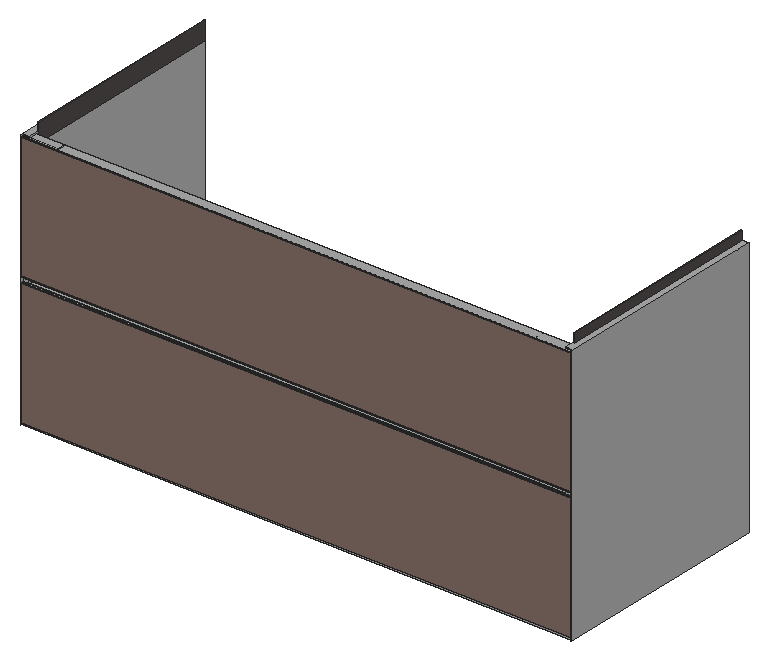
Revit family "vanity unit-hansgrohe-54186XXX-Xevolos E Vanity unit Slate Matt Grey 1180_475 with 2 drawers for washbasin", category Furniture, Revit 2019
Family settings
  OmniClass Number = 23.40.00.00
  OmniClass Title = Equipment and Furnishings
  Work Plane-Based = No
  Always vertical = Yes
  Cut with Voids When Loaded = No
  Shared = Yes
  Room Calculation Point = No
Parameters (values of type "54186730-SLATE_MATT_GREY-DARK_OAK-400")
  etim7_EC011381 = "EC011381"
  WEIGHT = "48.4"
  UNSPSC = "56 | Furniture and Furnishings"
  UNIFORMATII = "E2010 | Fixed Furnishings"
  UNICLASS_2015_CODE = "40_30_78_05"
  UNICLASS2015 = "Pr_40_30_78_05 | Bathroom furniture"
  SURFACE = "DARK_OAK"
  REGION = "Worldwide"
  PRODUCTURL = "https://pro.hansgrohe.com/articledetail--54186770"
  PERMALINK = "54186XXX"
  OMNICLASS = "23-21 19 15 33 13 | Residential Bathroom Specialty Casework"
  OBJECTTYPE = "Object (single object)"
  OBERFLAECHE = "SLATE_MATT_GREY"
  NN = "Vanity unit with 2 drawers for handrinse basin"
  NBSYN = "$ARTNR.-$OBERFLAECHE.-$SURFACE.-$LODLEVEL."
  NB = "54186730-SLATE_MATT_GREY-DARK_OAK-400"
  NAME = "Xevolos E Vanity unit Slate Matt Grey 1180/475 with 2 drawers for washbasin"
  Model = "54186730-SLATE_MATT_GREY-DARK_OAK-400"
  Manufacturer = "Hansgrohe"
  MIdent = "{$CADENAS_DATA/23d-libs/hansgrohe/xevolos_furniture/xevolos_vanity_unit_2_drawers_handrinse_basin/vanity_unit_2_drawers_for_handrinse_basin.prj},263 {VTYP=3D},{NB=54186730-SLATE_MATT_GREY-DARK_OAK-400},{LINA=54186730-SLATE_MATT_GREY-DARK_OAK-400},{NN=Vanity unit with 2 drawers for handrinse basin},{DATE=13.03.2023 12:26:32},{GEOMDATE=12.03.2023 06:54:00},{VERSION=},{LINEID=930},{WBVAR=LODLEVEL},{WBNUMERIC=}  {NB=54186730-SLATE_MATT_GREY-DARK_OAK-400},{LINA=54186730-SLATE_MATT_GREY-DARK_OAK-400},{KT=DUMMY},{IDNR=44},{ARTNR=54186730},{BASENUMBER=54186},{MODEL=54186XXX},{OBERFLAECHE=SLATE_MATT_GREY},{SURFACE=DARK_OAK},{L=1180},{LODLEVEL=400},{LODLEVELX='400','400','200','200'},{NAME=Xevolos E Vanity unit Slate Matt Grey 1180/475 with 2 drawers for washbasin},{PERMALINK=54186XXX},{OBJECTTYPE=Object (single object)},{BIMOBJECT=Sanitary: Compound units},{COLLECTIONSET=Xevolos E},{COLLECTION=vanity unit},{WEIGHT=48.4},{DESCRIPTION=Xevolos E Vanity unit Slate Matt Grey 1180/475 with 2 drawers for washbasin},{PRODUCTURL=https://pro.hansgrohe.com/articledetail--54186770},{GTINCODE=0},{TENDERURL=0},{IFC=Furnishing element},{ETIM=EC011381 | Bathroom furniture set},{UNICLASS2015=Pr_40_30_78_05 | Bathroom furniture},{OMNICLASS=23-21 19 15 33 13 | Residential Bathroom Specialty Casework},{MASTERFORMAT=12 35 30.23 | Bathroom Casework},{UNSPSC=56 | Furniture and Furnishings},{UNIFORMATII=E2010 | Fixed Furnishings},{REGION=Worldwide},{DESIGN=Germany},{MANUFACTURER=Germany}"
  MASTERFORMAT = "12 35 30.23 | Bathroom Casework"
  LODLEVEL = "400"
  LINA = "54186730-SLATE_MATT_GREY-DARK_OAK-400"
  L = 1180
  IFC = "Furnishing element"
  IDNR = 44
  ETIM = "EC011381 | Bathroom furniture set"
  DESIGN = "Germany"
  COLLECTIONSET = "Xevolos E"
  COLLECTION = "vanity unit"
  CATALOG = "Hansgrohe"
  BIMOBJECT = "Sanitary: Compound units"
  BASENUMBER = "54186"
  ARTNR = "54186730"
  54186770-SLATE_MATT_GREY-METALLIC_SLATE_GREY-400_RX0RY0RZ0TX0TY0TZ0_V = no
  54186770-SLATE_MATT_GREY-METALLIC_SLATE_GREY-200_RX0RY0RZ0TX0TY0TZ0_V = no
  54186730-SLATE_MATT_GREY-DARK_OAK-400_RX0RY0RZ0TX0TY0TZ0_V = yes
  54186730-SLATE_MATT_GREY-DARK_OAK-200_RX0RY0RZ0TX0TY0TZ0_V = no
  54186390-SLATE_MATT_GREY-PATTEREND_BRONZE-400_RX0RY0RZ0TX0TY0TZ0_V = no
  54186390-SLATE_MATT_GREY-PATTEREND_BRONZE-200_RX0RY0RZ0TX0TY0TZ0_V = no
Types (6, lengths in mm): name | SURFACE | NB | Model | MIdent | LODLEVEL | LINA | IDNR | ARTNR | 54186770-SLATE_MATT_GREY-METALLIC_SLATE_GREY-400_RX0RY0RZ0TX0TY0TZ0_V | 54186770-SLATE_MATT_GREY-METALLIC_SLATE_GREY-200_RX0RY0RZ0TX0TY0TZ0_V | 54186730-SLATE_MATT_GREY-DARK_OAK-400_RX0RY0RZ0TX0TY0TZ0_V | 54186730-SLATE_MATT_GREY-DARK_OAK-200_RX0RY0RZ0TX0TY0TZ0_V | 54186390-SLATE_MATT_GREY-PATTEREND_BRONZE-400_RX0RY0RZ0TX0TY0TZ0_V | 54186390-SLATE_MATT_GREY-PATTEREND_BRONZE-200_RX0RY0RZ0TX0TY0TZ0_V
  54186390-SLATE_MATT_GREY-PATTEREND_BRONZE-200 | "PATTEREND_BRONZE" | "54186390-SLATE_MATT_GREY-PATTEREND_BRONZE-200" | "54186390-SLATE_MATT_GREY-PATTEREND_BRONZE-200" | "{$CADENAS_DATA/23d-libs/hansgrohe/xevolos_furniture/xevolos_vanity_unit_2_drawers_handrinse_basin/vanity_unit_2_drawers_for_handrinse_basin.prj},279 {VTYP=3D},{NB=54186390-SLATE_MATT_GREY-PATTEREND_BRONZE-200},{LINA=54186390-SLATE_MATT_GREY-PATTEREND_BRONZE-200},{NN=Vanity unit with 2 drawers for handrinse basin},{DATE=13.03.2023 12:26:32},{GEOMDATE=12.03.2023 06:54:00},{VERSION=},{LINEID=920},{WBVAR=LODLEVEL},{WBNUMERIC=}  {NB=54186390-SLATE_MATT_GREY-PATTEREND_BRONZE-200},{LINA=54186390-SLATE_MATT_GREY-PATTEREND_BRONZE-200},{KT=DUMMY},{IDNR=43},{ARTNR=54186390},{BASENUMBER=54186},{MODEL=54186XXX},{OBERFLAECHE=SLATE_MATT_GREY},{SURFACE=PATTEREND_BRONZE},{L=1180},{LODLEVEL=200},{LODLEVELX='400','400','200','200'},{NAME=Xevolos E Vanity unit Slate Matt Grey 1180/475 with 2 drawers for washbasin},{PERMALINK=54186XXX},{OBJECTTYPE=Object (single object)},{BIMOBJECT=Sanitary: Compound units},{COLLECTIONSET=Xevolos E},{COLLECTION=vanity unit},{WEIGHT=48.4},{DESCRIPTION=Xevolos E Vanity unit Slate Matt Grey 1180/475 with 2 drawers for washbasin},{PRODUCTURL=https://pro.hansgrohe.com/articledetail--54186770},{GTINCODE=0},{TENDERURL=0},{IFC=Furnishing element},{ETIM=EC011381 | Bathroom furniture set},{UNICLASS2015=Pr_40_30_78_05 | Bathroom furniture},{OMNICLASS=23-21 19 15 33 13 | Residential Bathroom Specialty Casework},{MASTERFORMAT=12 35 30.23 | Bathroom Casework},{UNSPSC=56 | Furniture and Furnishings},{UNIFORMATII=E2010 | Fixed Furnishings},{REGION=Worldwide},{DESIGN=Germany},{MANUFACTURER=Germany}" | "200" | "54186390-SLATE_MATT_GREY-PATTEREND_BRONZE-200" | 43 | "54186390" | no | no | no | no | no | yes
  54186390-SLATE_MATT_GREY-PATTEREND_BRONZE-400 | "PATTEREND_BRONZE" | "54186390-SLATE_MATT_GREY-PATTEREND_BRONZE-400" | "54186390-SLATE_MATT_GREY-PATTEREND_BRONZE-400" | "{$CADENAS_DATA/23d-libs/hansgrohe/xevolos_furniture/xevolos_vanity_unit_2_drawers_handrinse_basin/vanity_unit_2_drawers_for_handrinse_basin.prj},279 {VTYP=3D},{NB=54186390-SLATE_MATT_GREY-PATTEREND_BRONZE-400},{LINA=54186390-SLATE_MATT_GREY-PATTEREND_BRONZE-400},{NN=Vanity unit with 2 drawers for handrinse basin},{DATE=13.03.2023 12:26:32},{GEOMDATE=12.03.2023 06:54:00},{VERSION=},{LINEID=920},{WBVAR=LODLEVEL},{WBNUMERIC=}  {NB=54186390-SLATE_MATT_GREY-PATTEREND_BRONZE-400},{LINA=54186390-SLATE_MATT_GREY-PATTEREND_BRONZE-400},{KT=DUMMY},{IDNR=43},{ARTNR=54186390},{BASENUMBER=54186},{MODEL=54186XXX},{OBERFLAECHE=SLATE_MATT_GREY},{SURFACE=PATTEREND_BRONZE},{L=1180},{LODLEVEL=400},{LODLEVELX='400','400','200','200'},{NAME=Xevolos E Vanity unit Slate Matt Grey 1180/475 with 2 drawers for washbasin},{PERMALINK=54186XXX},{OBJECTTYPE=Object (single object)},{BIMOBJECT=Sanitary: Compound units},{COLLECTIONSET=Xevolos E},{COLLECTION=vanity unit},{WEIGHT=48.4},{DESCRIPTION=Xevolos E Vanity unit Slate Matt Grey 1180/475 with 2 drawers for washbasin},{PRODUCTURL=https://pro.hansgrohe.com/articledetail--54186770},{GTINCODE=0},{TENDERURL=0},{IFC=Furnishing element},{ETIM=EC011381 | Bathroom furniture set},{UNICLASS2015=Pr_40_30_78_05 | Bathroom furniture},{OMNICLASS=23-21 19 15 33 13 | Residential Bathroom Specialty Casework},{MASTERFORMAT=12 35 30.23 | Bathroom Casework},{UNSPSC=56 | Furniture and Furnishings},{UNIFORMATII=E2010 | Fixed Furnishings},{REGION=Worldwide},{DESIGN=Germany},{MANUFACTURER=Germany}" | "400" | "54186390-SLATE_MATT_GREY-PATTEREND_BRONZE-400" | 43 | "54186390" | no | no | no | no | yes | no
  54186730-SLATE_MATT_GREY-DARK_OAK-200 | "DARK_OAK" | "54186730-SLATE_MATT_GREY-DARK_OAK-200" | "54186730-SLATE_MATT_GREY-DARK_OAK-200" | "{$CADENAS_DATA/23d-libs/hansgrohe/xevolos_furniture/xevolos_vanity_unit_2_drawers_handrinse_basin/vanity_unit_2_drawers_for_handrinse_basin.prj},263 {VTYP=3D},{NB=54186730-SLATE_MATT_GREY-DARK_OAK-200},{LINA=54186730-SLATE_MATT_GREY-DARK_OAK-200},{NN=Vanity unit with 2 drawers for handrinse basin},{DATE=13.03.2023 12:26:32},{GEOMDATE=12.03.2023 06:54:00},{VERSION=},{LINEID=930},{WBVAR=LODLEVEL},{WBNUMERIC=}  {NB=54186730-SLATE_MATT_GREY-DARK_OAK-200},{LINA=54186730-SLATE_MATT_GREY-DARK_OAK-200},{KT=DUMMY},{IDNR=44},{ARTNR=54186730},{BASENUMBER=54186},{MODEL=54186XXX},{OBERFLAECHE=SLATE_MATT_GREY},{SURFACE=DARK_OAK},{L=1180},{LODLEVEL=200},{LODLEVELX='400','400','200','200'},{NAME=Xevolos E Vanity unit Slate Matt Grey 1180/475 with 2 drawers for washbasin},{PERMALINK=54186XXX},{OBJECTTYPE=Object (single object)},{BIMOBJECT=Sanitary: Compound units},{COLLECTIONSET=Xevolos E},{COLLECTION=vanity unit},{WEIGHT=48.4},{DESCRIPTION=Xevolos E Vanity unit Slate Matt Grey 1180/475 with 2 drawers for washbasin},{PRODUCTURL=https://pro.hansgrohe.com/articledetail--54186770},{GTINCODE=0},{TENDERURL=0},{IFC=Furnishing element},{ETIM=EC011381 | Bathroom furniture set},{UNICLASS2015=Pr_40_30_78_05 | Bathroom furniture},{OMNICLASS=23-21 19 15 33 13 | Residential Bathroom Specialty Casework},{MASTERFORMAT=12 35 30.23 | Bathroom Casework},{UNSPSC=56 | Furniture and Furnishings},{UNIFORMATII=E2010 | Fixed Furnishings},{REGION=Worldwide},{DESIGN=Germany},{MANUFACTURER=Germany}" | "200" | "54186730-SLATE_MATT_GREY-DARK_OAK-200" | 44 | "54186730" | no | no | no | yes | no | no
  54186730-SLATE_MATT_GREY-DARK_OAK-400 | "DARK_OAK" | "54186730-SLATE_MATT_GREY-DARK_OAK-400" | "54186730-SLATE_MATT_GREY-DARK_OAK-400" | "{$CADENAS_DATA/23d-libs/hansgrohe/xevolos_furniture/xevolos_vanity_unit_2_drawers_handrinse_basin/vanity_unit_2_drawers_for_handrinse_basin.prj},263 {VTYP=3D},{NB=54186730-SLATE_MATT_GREY-DARK_OAK-400},{LINA=54186730-SLATE_MATT_GREY-DARK_OAK-400},{NN=Vanity unit with 2 drawers for handrinse basin},{DATE=13.03.2023 12:26:32},{GEOMDATE=12.03.2023 06:54:00},{VERSION=},{LINEID=930},{WBVAR=LODLEVEL},{WBNUMERIC=}  {NB=54186730-SLATE_MATT_GREY-DARK_OAK-400},{LINA=54186730-SLATE_MATT_GREY-DARK_OAK-400},{KT=DUMMY},{IDNR=44},{ARTNR=54186730},{BASENUMBER=54186},{MODEL=54186XXX},{OBERFLAECHE=SLATE_MATT_GREY},{SURFACE=DARK_OAK},{L=1180},{LODLEVEL=400},{LODLEVELX='400','400','200','200'},{NAME=Xevolos E Vanity unit Slate Matt Grey 1180/475 with 2 drawers for washbasin},{PERMALINK=54186XXX},{OBJECTTYPE=Object (single object)},{BIMOBJECT=Sanitary: Compound units},{COLLECTIONSET=Xevolos E},{COLLECTION=vanity unit},{WEIGHT=48.4},{DESCRIPTION=Xevolos E Vanity unit Slate Matt Grey 1180/475 with 2 drawers for washbasin},{PRODUCTURL=https://pro.hansgrohe.com/articledetail--54186770},{GTINCODE=0},{TENDERURL=0},{IFC=Furnishing element},{ETIM=EC011381 | Bathroom furniture set},{UNICLASS2015=Pr_40_30_78_05 | Bathroom furniture},{OMNICLASS=23-21 19 15 33 13 | Residential Bathroom Specialty Casework},{MASTERFORMAT=12 35 30.23 | Bathroom Casework},{UNSPSC=56 | Furniture and Furnishings},{UNIFORMATII=E2010 | Fixed Furnishings},{REGION=Worldwide},{DESIGN=Germany},{MANUFACTURER=Germany}" | "400" | "54186730-SLATE_MATT_GREY-DARK_OAK-400" | 44 | "54186730" | no | no | yes | no | no | no
  54186770-SLATE_MATT_GREY-METALLIC_SLATE_GREY-200 | "METALLIC_SLATE_GREY" | "54186770-SLATE_MATT_GREY-METALLIC_SLATE_GREY-200" | "54186770-SLATE_MATT_GREY-METALLIC_SLATE_GREY-200" | "{$CADENAS_DATA/23d-libs/hansgrohe/xevolos_furniture/xevolos_vanity_unit_2_drawers_handrinse_basin/vanity_unit_2_drawers_for_handrinse_basin.prj},285 {VTYP=3D},{NB=54186770-SLATE_MATT_GREY-METALLIC_SLATE_GREY-200},{LINA=54186770-SLATE_MATT_GREY-METALLIC_SLATE_GREY-200},{NN=Vanity unit with 2 drawers for handrinse basin},{DATE=13.03.2023 12:26:32},{GEOMDATE=12.03.2023 06:54:00},{VERSION=},{LINEID=940},{WBVAR=LODLEVEL},{WBNUMERIC=}  {NB=54186770-SLATE_MATT_GREY-METALLIC_SLATE_GREY-200},{LINA=54186770-SLATE_MATT_GREY-METALLIC_SLATE_GREY-200},{KT=DUMMY},{IDNR=45},{ARTNR=54186770},{BASENUMBER=54186},{MODEL=54186XXX},{OBERFLAECHE=SLATE_MATT_GREY},{SURFACE=METALLIC_SLATE_GREY},{L=1180},{LODLEVEL=200},{LODLEVELX='400','400','200','200'},{NAME=Xevolos E Vanity unit Slate Matt Grey 1180/475 with 2 drawers for washbasin},{PERMALINK=54186XXX},{OBJECTTYPE=Object (single object)},{BIMOBJECT=Sanitary: Compound units},{COLLECTIONSET=Xevolos E},{COLLECTION=vanity unit},{WEIGHT=48.4},{DESCRIPTION=Xevolos E Vanity unit Slate Matt Grey 1180/475 with 2 drawers for washbasin},{PRODUCTURL=https://pro.hansgrohe.com/articledetail--54186770},{GTINCODE=0},{TENDERURL=0},{IFC=Furnishing element},{ETIM=EC011381 | Bathroom furniture set},{UNICLASS2015=Pr_40_30_78_05 | Bathroom furniture},{OMNICLASS=23-21 19 15 33 13 | Residential Bathroom Specialty Casework},{MASTERFORMAT=12 35 30.23 | Bathroom Casework},{UNSPSC=56 | Furniture and Furnishings},{UNIFORMATII=E2010 | Fixed Furnishings},{REGION=Worldwide},{DESIGN=Germany},{MANUFACTURER=Germany}" | "200" | "54186770-SLATE_MATT_GREY-METALLIC_SLATE_GREY-200" | 45 | "54186770" | no | yes | no | no | no | no
  54186770-SLATE_MATT_GREY-METALLIC_SLATE_GREY-400 | "METALLIC_SLATE_GREY" | "54186770-SLATE_MATT_GREY-METALLIC_SLATE_GREY-400" | "54186770-SLATE_MATT_GREY-METALLIC_SLATE_GREY-400" | "{$CADENAS_DATA/23d-libs/hansgrohe/xevolos_furniture/xevolos_vanity_unit_2_drawers_handrinse_basin/vanity_unit_2_drawers_for_handrinse_basin.prj},285 {VTYP=3D},{NB=54186770-SLATE_MATT_GREY-METALLIC_SLATE_GREY-400},{LINA=54186770-SLATE_MATT_GREY-METALLIC_SLATE_GREY-400},{NN=Vanity unit with 2 drawers for handrinse basin},{DATE=13.03.2023 12:26:32},{GEOMDATE=12.03.2023 06:54:00},{VERSION=},{LINEID=940},{WBVAR=LODLEVEL},{WBNUMERIC=}  {NB=54186770-SLATE_MATT_GREY-METALLIC_SLATE_GREY-400},{LINA=54186770-SLATE_MATT_GREY-METALLIC_SLATE_GREY-400},{KT=DUMMY},{IDNR=45},{ARTNR=54186770},{BASENUMBER=54186},{MODEL=54186XXX},{OBERFLAECHE=SLATE_MATT_GREY},{SURFACE=METALLIC_SLATE_GREY},{L=1180},{LODLEVEL=400},{LODLEVELX='400','400','200','200'},{NAME=Xevolos E Vanity unit Slate Matt Grey 1180/475 with 2 drawers for washbasin},{PERMALINK=54186XXX},{OBJECTTYPE=Object (single object)},{BIMOBJECT=Sanitary: Compound units},{COLLECTIONSET=Xevolos E},{COLLECTION=vanity unit},{WEIGHT=48.4},{DESCRIPTION=Xevolos E Vanity unit Slate Matt Grey 1180/475 with 2 drawers for washbasin},{PRODUCTURL=https://pro.hansgrohe.com/articledetail--54186770},{GTINCODE=0},{TENDERURL=0},{IFC=Furnishing element},{ETIM=EC011381 | Bathroom furniture set},{UNICLASS2015=Pr_40_30_78_05 | Bathroom furniture},{OMNICLASS=23-21 19 15 33 13 | Residential Bathroom Specialty Casework},{MASTERFORMAT=12 35 30.23 | Bathroom Casework},{UNSPSC=56 | Furniture and Furnishings},{UNIFORMATII=E2010 | Fixed Furnishings},{REGION=Worldwide},{DESIGN=Germany},{MANUFACTURER=Germany}" | "400" | "54186770-SLATE_MATT_GREY-METALLIC_SLATE_GREY-400" | 45 | "54186770" | yes | no | no | no | no | no
Reference planes
  plane 1 "Center (Front/Back)": y = 0
  plane 2: z = 0
  plane 3 "Center (Left/Right)": x = 0
Dimensions and locks
  aligned and locked: level to plane 2
Nested families
  nested 1: "54186390-slate_matt_grey-patterend_bronze-200_content" at (0, 0, 0), visible <- "54186390-SLATE_MATT_GREY-PATTEREND_BRONZE-200_RX0RY0RZ0TX0TY0TZ0_V", ContentVisible <- "54186390-SLATE_MATT_GREY-PATTEREND_BRONZE-200_RX0RY0RZ0TX0TY0TZ0_V", type "54186390-SLATE_MATT_GREY-PATTEREND_BRONZE-200_Content"
    with ContentVisible no
  nested 2: "54186390-slate_matt_grey-patterend_bronze-400_content" at (0, 0, 0), visible <- "54186390-SLATE_MATT_GREY-PATTEREND_BRONZE-400_RX0RY0RZ0TX0TY0TZ0_V", ContentVisible <- "54186390-SLATE_MATT_GREY-PATTEREND_BRONZE-400_RX0RY0RZ0TX0TY0TZ0_V", type "54186390-SLATE_MATT_GREY-PATTEREND_BRONZE-400_Content"
    with ContentVisible no
  nested 3: "54186730-slate_matt_grey-dark_oak-200_content" at (0, 0, 0), visible <- "54186730-SLATE_MATT_GREY-DARK_OAK-200_RX0RY0RZ0TX0TY0TZ0_V", ContentVisible <- "54186730-SLATE_MATT_GREY-DARK_OAK-200_RX0RY0RZ0TX0TY0TZ0_V", type "54186730-SLATE_MATT_GREY-DARK_OAK-200_Content"
    with ContentVisible no
  nested 4: "54186730-slate_matt_grey-dark_oak-400_content" at (0, 0, 0), visible <- "54186730-SLATE_MATT_GREY-DARK_OAK-400_RX0RY0RZ0TX0TY0TZ0_V", ContentVisible <- "54186730-SLATE_MATT_GREY-DARK_OAK-400_RX0RY0RZ0TX0TY0TZ0_V", type "54186730-SLATE_MATT_GREY-DARK_OAK-400_Content"
    with ContentVisible yes
  nested 5: "54186770-slate_matt_grey-metallic_slate_grey-200_content" at (0, 0, 0), visible <- "54186770-SLATE_MATT_GREY-METALLIC_SLATE_GREY-200_RX0RY0RZ0TX0TY0TZ0_V", ContentVisible <- "54186770-SLATE_MATT_GREY-METALLIC_SLATE_GREY-200_RX0RY0RZ0TX0TY0TZ0_V", type "54186770-SLATE_MATT_GREY-METALLIC_SLATE_GREY-200_Content"
    with ContentVisible no
  nested 6: "54186770-slate_matt_grey-metallic_slate_grey-400_content" at (0, 0, 0), visible <- "54186770-SLATE_MATT_GREY-METALLIC_SLATE_GREY-400_RX0RY0RZ0TX0TY0TZ0_V", ContentVisible <- "54186770-SLATE_MATT_GREY-METALLIC_SLATE_GREY-400_RX0RY0RZ0TX0TY0TZ0_V", type "54186770-SLATE_MATT_GREY-METALLIC_SLATE_GREY-400_Content"
    with ContentVisible no
Definition of nested family "54186730-slate_matt_grey-dark_oak-400_content"
  Parameters (values of type "54186730-SLATE_MATT_GREY-DARK_OAK-400_Content")
    etim7_EC011381 = "EC011381"
    WEIGHT = "48.4"
    UNSPSC = "56 | Furniture and Furnishings"
    UNIFORMATII = "E2010 | Fixed Furnishings"
    UNICLASS_2015_CODE = "40_30_78_05"
    UNICLASS2015 = "Pr_40_30_78_05 | Bathroom furniture"
    SURFACE = "DARK_OAK"
    REGION = "Worldwide"
    PRODUCTURL = "https://pro.hansgrohe.com/articledetail--54186770"
    PERMALINK = "54186XXX"
    OMNICLASS = "23-21 19 15 33 13 | Residential Bathroom Specialty Casework"
    OBJECTTYPE = "Object (single object)"
    OBERFLAECHE = "SLATE_MATT_GREY"
    NN = "Vanity unit with 2 drawers for handrinse basin"
    NBSYN = "$ARTNR.-$OBERFLAECHE.-$SURFACE.-$LODLEVEL."
    NB = "54186730-SLATE_MATT_GREY-DARK_OAK-400"
    NAME = "Xevolos E Vanity unit Slate Matt Grey 1180/475 with 2 drawers for washbasin"
    Model = "54186730-SLATE_MATT_GREY-DARK_OAK-400"
    Manufacturer = "Hansgrohe"
    MASTERFORMAT = "12 35 30.23 | Bathroom Casework"
    LODLEVEL = "400"
    LINA = "54186730-SLATE_MATT_GREY-DARK_OAK-400"
    L = 1180
    IFC = "Furnishing element"
    IDNR = 44
    ETIM = "EC011381 | Bathroom furniture set"
    Default Elevation = 1219.2 mm
    DESIGN = "Germany"
    ContentVisible [instance] = yes
    COLLECTIONSET = "Xevolos E"
    COLLECTION = "vanity unit"
    CATALOG = "Hansgrohe"
    BIMOBJECT = "Sanitary: Compound units"
    BASENUMBER = "54186"
    ARTNR = "54186730"
  Reference planes
    plane 1 "Center (Front/Back)": y = 0
    plane 2: z = 0
    plane 3 "Center (Left/Right)": x = 0
  Forms (mm)
    Extrusion 1, solid, visible <- "ContentVisible", detail levels medium+fine
      sketch origin (0, 0, 0) x (1, 0, 0) y (0, 1, 0)
        loop
          line (-590, 0) -> (-590, -472.3) -> (-588, -472.3) -> (-588, -468.3) -> (-574, -468.3) -> (-574, 0) -> (-590, 0)
      from 0 to 556
    Extrusion 2, solid, visible <- "ContentVisible", detail levels medium+fine
      sketch origin (0, 0, 0) x (1, 0, 0) y (0, 1, 0)
        loop
          line (-574, -79) -> (-574, -445.5) -> (574, -445.5) -> (574, -79) -> (-574, -79)
      from 0 to 16
    Extrusion 3, solid, visible <- "ContentVisible", detail levels medium+fine
      sketch origin (0, 0, 0) x (1, 0, 0) y (0, 1, 0)
        loop
          line (574, 0) -> (574, -468.3) -> (588, -468.3) -> (588, -472.3) -> (590, -472.3) -> (590, 0) -> (574, 0)
      from 0 to 556
    Extrusion 4, solid, visible <- "ContentVisible", detail levels medium+fine
      sketch origin (0, 0, 0.5) x (1, 0, 0) y (0, 1, 0)
        loop
          line (-574, -63) -> (-574, -79) -> (574, -79) -> (574, -63) -> (-574, -63)
      from 0 to 126
    Extrusion 5, solid, visible <- "ContentVisible", detail levels medium+fine
      sketch origin (0, 0, 2) x (1, 0, 0) y (0, 1, 0)
        loop
          line (-588, -451) -> (-588, -472.3) -> (588, -472.3) -> (588, -451) -> (-588, -451)
      from 0 to 2
    Extrusion 6, solid, visible <- "ContentVisible", detail levels medium+fine
      sketch origin (0, 0, 554) x (1, 0, 0) y (0, 1, 0)
        loop
          line (-588, -451) -> (-588, -472.3) -> (588, -472.3) -> (588, -451) -> (-588, -451)
      from -2 to 0
    Extrusion 7, solid, visible <- "ContentVisible", detail levels medium+fine
      sketch origin (0, -468.3, 0) x (1, 0, 0) y (0, 0, -1)
        loop
          line (-588, -272.5) -> (588, -272.5) -> (588, -4.5) -> (-588, -4.5) -> (-588, -272.5)
      from -4 to 0
    Extrusion 8, solid, visible <- "ContentVisible", detail levels medium+fine
      sketch origin (0, -468.3, 0) x (1, 0, 0) y (0, 0, -1)
        loop
          line (-588, -553.5) -> (588, -553.5) -> (588, -285.5) -> (-588, -285.5) -> (-588, -553.5)
      from -4 to 0
    Extrusion 9, solid, visible <- "ContentVisible", detail levels medium+fine
      sketch origin (0, 0, 272.5) x (1, 0, 0) y (0, 1, 0)
        loop
          line (-588, -451) -> (-588, -472.3) -> (588, -472.3) -> (588, -451) -> (-588, -451)
      from 0 to 2
    Extrusion 10, solid, visible <- "ContentVisible", detail levels medium+fine
      sketch origin (0, 0, 285.5) x (1, 0, 0) y (0, 1, 0)
        loop
          line (-588, -451) -> (-588, -472.3) -> (588, -472.3) -> (588, -451) -> (-588, -451)
      from -2 to 0
    Extrusion 11, solid, visible <- "ContentVisible", detail levels medium+fine
      sketch origin (0, -468.3, 0) x (1, 0, 0) y (0, 0, -1)
        loop
          line (-588, -274.5) -> (588, -274.5) -> (588, -4.5) -> (-588, -4.5) -> (-588, -274.5)
        loop
          line (-514, -78) -> (-514, -272.5) -> (514, -272.5) -> (514, -78) -> (-514, -78)
      from 0 to 17
    Extrusion 12, solid, visible <- "ContentVisible", detail levels medium+fine
      sketch origin (0, -468.3, 0) x (1, 0, 0) y (0, 0, -1)
        loop
          line (-588, -553.5) -> (-512, -553.5) -> (-512, -361.5) -> (512, -361.5) -> (512, -553.5) -> (588, -553.5) -> (588, -285.5) -> (-588, -285.5) -> (-588, -553.5)
      from 0 to 17
    Extrusion 13, solid, visible <- "ContentVisible", detail levels medium+fine
      sketch origin (-574, 0, 0) x (0, 0, -1) y (0, 1, 0)
        loop
          line (-574, 0) -> (-574, -446) -> (-534, -446) -> (-534, 0) -> (-574, 0)
      from 0 to 2
    Extrusion 14, solid, visible <- "ContentVisible", detail levels medium+fine
      sketch origin (574, 0, 0) x (0, 0, -1) y (0, 1, 0)
        loop
          line (-574, 0) -> (-574, -446) -> (-534, -446) -> (-534, 0) -> (-574, 0)
      from 0 to 2
    Extrusion 15, solid, visible <- "ContentVisible", detail levels medium+fine
      sketch origin (0, 0, 0) x (0, 0, -1) y (0, 1, 0)
        loop
          line (-285, -319.5) -> (-285, -444) -> (-269, -444) -> (-269, -319.5) -> (-285, -319.5)
      from -574 to 574
    Extrusion 16, solid, visible <- "ContentVisible", detail levels coarse
      sketch origin (0, -236.15, 0) x (1, 0, 0) y (0, 1, 0)
        loop
          line (-590, -236.15) -> (590, -236.15) -> (590, 236.15) -> (-590, 236.15) -> (-590, -236.15)
      from 0 to 574
  Dimensions and locks
    aligned and locked: level to plane 2
Definition of nested family "54186390-slate_matt_grey-patterend_bronze-200_content"
  Parameters (values of type "54186390-SLATE_MATT_GREY-PATTEREND_BRONZE-200_Content")
    etim7_EC011381 = "EC011381"
    WEIGHT = "48.4"
    UNSPSC = "56 | Furniture and Furnishings"
    UNIFORMATII = "E2010 | Fixed Furnishings"
    UNICLASS_2015_CODE = "40_30_78_05"
    UNICLASS2015 = "Pr_40_30_78_05 | Bathroom furniture"
    SURFACE = "PATTEREND_BRONZE"
    REGION = "Worldwide"
    PRODUCTURL = "https://pro.hansgrohe.com/articledetail--54186770"
    PERMALINK = "54186XXX"
    OMNICLASS = "23-21 19 15 33 13 | Residential Bathroom Specialty Casework"
    OBJECTTYPE = "Object (single object)"
    OBERFLAECHE = "SLATE_MATT_GREY"
    NN = "Vanity unit with 2 drawers for handrinse basin"
    NBSYN = "$ARTNR.-$OBERFLAECHE.-$SURFACE.-$LODLEVEL."
    NB = "54186390-SLATE_MATT_GREY-PATTEREND_BRONZE-200"
    NAME = "Xevolos E Vanity unit Slate Matt Grey 1180/475 with 2 drawers for washbasin"
    Model = "54186390-SLATE_MATT_GREY-PATTEREND_BRONZE-200"
    Manufacturer = "Hansgrohe"
    MASTERFORMAT = "12 35 30.23 | Bathroom Casework"
    LODLEVEL = "200"
    LINA = "54186390-SLATE_MATT_GREY-PATTEREND_BRONZE-200"
    L = 1180
    IFC = "Furnishing element"
    IDNR = 43
    ETIM = "EC011381 | Bathroom furniture set"
    Default Elevation = 1219.2 mm
    DESIGN = "Germany"
    ContentVisible [instance] = yes
    COLLECTIONSET = "Xevolos E"
    COLLECTION = "vanity unit"
    CATALOG = "Hansgrohe"
    BIMOBJECT = "Sanitary: Compound units"
    BASENUMBER = "54186"
    ARTNR = "54186390"
  Reference planes
    plane 1 "Center (Front/Back)": y = 0
    plane 2: z = 0
    plane 3 "Center (Left/Right)": x = 0
  Forms (mm)
    Extrusion 1, solid, visible <- "ContentVisible", detail levels medium+fine
      sketch origin (0, 0, 0) x (1, 0, 0) y (0, 1, 0)
        loop
          line (-590, 0) -> (-590, -468.3) -> (590, -468.3) -> (590, 0) -> (-590, 0)
      from 0 to 556
    Extrusion 2, solid, visible <- "ContentVisible", detail levels medium+fine
      sketch origin (0, -468.3, 0) x (1, 0, 0) y (0, 0, -1)
        loop
          line (-590, -278) -> (-588, -278) -> (-588, -4) -> (588, -4) -> (588, -278) -> (590, -278) -> (590, -2) -> (-590, -2) -> (-590, -278)
      from -4 to 0
    Extrusion 3, solid, visible <- "ContentVisible", detail levels medium+fine
      sketch origin (0, -468.3, 0) x (1, 0, 0) y (0, 0, -1)
        loop
          line (-590, -278) -> (-590, -554) -> (590, -554) -> (590, -278) -> (588, -278) -> (588, -552) -> (-588, -552) -> (-588, -278) -> (-590, -278)
      from -4 to 0
    Extrusion 4, solid, visible <- "ContentVisible", detail levels medium+fine
      sketch origin (0, -468.3, 0) x (1, 0, 0) y (0, 0, -1)
        loop
          line (-588, -272.5) -> (588, -272.5) -> (588, -4.5) -> (-588, -4.5) -> (-588, -272.5)
      from -4 to 0
    Extrusion 5, solid, visible <- "ContentVisible", detail levels medium+fine
      sketch origin (0, -468.3, 0) x (1, 0, 0) y (0, 0, -1)
        loop
          line (-588, -553.5) -> (588, -553.5) -> (588, -285.5) -> (-588, -285.5) -> (-588, -553.5)
      from -4 to 0
    Extrusion 6, solid, visible <- "ContentVisible", detail levels medium+fine
      sketch origin (-574, 0, 0) x (0, 0, -1) y (0, 1, 0)
        loop
          line (-574, 0) -> (-574, -446) -> (-534, -446) -> (-534, 0) -> (-574, 0)
      from 0 to 2
    Extrusion 7, solid, visible <- "ContentVisible", detail levels medium+fine
      sketch origin (574, 0, 0) x (0, 0, -1) y (0, 1, 0)
        loop
          line (-574, 0) -> (-574, -446) -> (-534, -446) -> (-534, 0) -> (-574, 0)
      from 0 to 2
    Extrusion 8, solid, visible <- "ContentVisible", detail levels coarse
      sketch origin (0, -236.15, 0) x (1, 0, 0) y (0, 1, 0)
        loop
          line (-590, -236.15) -> (590, -236.15) -> (590, 236.15) -> (-590, 236.15) -> (-590, -236.15)
      from 0 to 574
  Dimensions and locks
    aligned and locked: level to plane 2
Definition of nested family "54186390-slate_matt_grey-patterend_bronze-400_content"
  Parameters (values of type "54186390-SLATE_MATT_GREY-PATTEREND_BRONZE-400_Content")
    etim7_EC011381 = "EC011381"
    WEIGHT = "48.4"
    UNSPSC = "56 | Furniture and Furnishings"
    UNIFORMATII = "E2010 | Fixed Furnishings"
    UNICLASS_2015_CODE = "40_30_78_05"
    UNICLASS2015 = "Pr_40_30_78_05 | Bathroom furniture"
    SURFACE = "PATTEREND_BRONZE"
    REGION = "Worldwide"
    PRODUCTURL = "https://pro.hansgrohe.com/articledetail--54186770"
    PERMALINK = "54186XXX"
    OMNICLASS = "23-21 19 15 33 13 | Residential Bathroom Specialty Casework"
    OBJECTTYPE = "Object (single object)"
    OBERFLAECHE = "SLATE_MATT_GREY"
    NN = "Vanity unit with 2 drawers for handrinse basin"
    NBSYN = "$ARTNR.-$OBERFLAECHE.-$SURFACE.-$LODLEVEL."
    NB = "54186390-SLATE_MATT_GREY-PATTEREND_BRONZE-400"
    NAME = "Xevolos E Vanity unit Slate Matt Grey 1180/475 with 2 drawers for washbasin"
    Model = "54186390-SLATE_MATT_GREY-PATTEREND_BRONZE-400"
    Manufacturer = "Hansgrohe"
    MASTERFORMAT = "12 35 30.23 | Bathroom Casework"
    LODLEVEL = "400"
    LINA = "54186390-SLATE_MATT_GREY-PATTEREND_BRONZE-400"
    L = 1180
    IFC = "Furnishing element"
    IDNR = 43
    ETIM = "EC011381 | Bathroom furniture set"
    Default Elevation = 1219.2 mm
    DESIGN = "Germany"
    ContentVisible [instance] = yes
    COLLECTIONSET = "Xevolos E"
    COLLECTION = "vanity unit"
    CATALOG = "Hansgrohe"
    BIMOBJECT = "Sanitary: Compound units"
    BASENUMBER = "54186"
    ARTNR = "54186390"
  Reference planes
    plane 1 "Center (Front/Back)": y = 0
    plane 2: z = 0
    plane 3 "Center (Left/Right)": x = 0
  Forms (mm)
    Extrusion 1, solid, visible <- "ContentVisible", detail levels medium+fine
      sketch origin (0, 0, 0) x (1, 0, 0) y (0, 1, 0)
        loop
          line (-590, 0) -> (-590, -472.3) -> (-588, -472.3) -> (-588, -468.3) -> (-574, -468.3) -> (-574, 0) -> (-590, 0)
      from 0 to 556
    Extrusion 2, solid, visible <- "ContentVisible", detail levels medium+fine
      sketch origin (0, 0, 0) x (1, 0, 0) y (0, 1, 0)
        loop
          line (-574, -79) -> (-574, -445.5) -> (574, -445.5) -> (574, -79) -> (-574, -79)
      from 0 to 16
    Extrusion 3, solid, visible <- "ContentVisible", detail levels medium+fine
      sketch origin (0, 0, 0) x (1, 0, 0) y (0, 1, 0)
        loop
          line (574, 0) -> (574, -468.3) -> (588, -468.3) -> (588, -472.3) -> (590, -472.3) -> (590, 0) -> (574, 0)
      from 0 to 556
    Extrusion 4, solid, visible <- "ContentVisible", detail levels medium+fine
      sketch origin (0, 0, 0.5) x (1, 0, 0) y (0, 1, 0)
        loop
          line (-574, -63) -> (-574, -79) -> (574, -79) -> (574, -63) -> (-574, -63)
      from 0 to 126
    Extrusion 5, solid, visible <- "ContentVisible", detail levels medium+fine
      sketch origin (0, 0, 2) x (1, 0, 0) y (0, 1, 0)
        loop
          line (-588, -451) -> (-588, -472.3) -> (588, -472.3) -> (588, -451) -> (-588, -451)
      from 0 to 2
    Extrusion 6, solid, visible <- "ContentVisible", detail levels medium+fine
      sketch origin (0, 0, 554) x (1, 0, 0) y (0, 1, 0)
        loop
          line (-588, -451) -> (-588, -472.3) -> (588, -472.3) -> (588, -451) -> (-588, -451)
      from -2 to 0
    Extrusion 7, solid, visible <- "ContentVisible", detail levels medium+fine
      sketch origin (0, -468.3, 0) x (1, 0, 0) y (0, 0, -1)
        loop
          line (-588, -272.5) -> (588, -272.5) -> (588, -4.5) -> (-588, -4.5) -> (-588, -272.5)
      from -4 to 0
    Extrusion 8, solid, visible <- "ContentVisible", detail levels medium+fine
      sketch origin (0, -468.3, 0) x (1, 0, 0) y (0, 0, -1)
        loop
          line (-588, -553.5) -> (588, -553.5) -> (588, -285.5) -> (-588, -285.5) -> (-588, -553.5)
      from -4 to 0
    Extrusion 9, solid, visible <- "ContentVisible", detail levels medium+fine
      sketch origin (0, 0, 272.5) x (1, 0, 0) y (0, 1, 0)
        loop
          line (-588, -451) -> (-588, -472.3) -> (588, -472.3) -> (588, -451) -> (-588, -451)
      from 0 to 2
    Extrusion 10, solid, visible <- "ContentVisible", detail levels medium+fine
      sketch origin (0, 0, 285.5) x (1, 0, 0) y (0, 1, 0)
        loop
          line (-588, -451) -> (-588, -472.3) -> (588, -472.3) -> (588, -451) -> (-588, -451)
      from -2 to 0
    Extrusion 11, solid, visible <- "ContentVisible", detail levels medium+fine
      sketch origin (0, -468.3, 0) x (1, 0, 0) y (0, 0, -1)
        loop
          line (-588, -274.5) -> (588, -274.5) -> (588, -4.5) -> (-588, -4.5) -> (-588, -274.5)
        loop
          line (-514, -78) -> (-514, -272.5) -> (514, -272.5) -> (514, -78) -> (-514, -78)
      from 0 to 17
    Extrusion 12, solid, visible <- "ContentVisible", detail levels medium+fine
      sketch origin (0, -468.3, 0) x (1, 0, 0) y (0, 0, -1)
        loop
          line (-588, -553.5) -> (-512, -553.5) -> (-512, -361.5) -> (512, -361.5) -> (512, -553.5) -> (588, -553.5) -> (588, -285.5) -> (-588, -285.5) -> (-588, -553.5)
      from 0 to 17
    Extrusion 13, solid, visible <- "ContentVisible", detail levels medium+fine
      sketch origin (-574, 0, 0) x (0, 0, -1) y (0, 1, 0)
        loop
          line (-574, 0) -> (-574, -446) -> (-534, -446) -> (-534, 0) -> (-574, 0)
      from 0 to 2
    Extrusion 14, solid, visible <- "ContentVisible", detail levels medium+fine
      sketch origin (574, 0, 0) x (0, 0, -1) y (0, 1, 0)
        loop
          line (-574, 0) -> (-574, -446) -> (-534, -446) -> (-534, 0) -> (-574, 0)
      from 0 to 2
    Extrusion 15, solid, visible <- "ContentVisible", detail levels medium+fine
      sketch origin (0, 0, 0) x (0, 0, -1) y (0, 1, 0)
        loop
          line (-285, -319.5) -> (-285, -444) -> (-269, -444) -> (-269, -319.5) -> (-285, -319.5)
      from -574 to 574
    Extrusion 16, solid, visible <- "ContentVisible", detail levels coarse
      sketch origin (0, -236.15, 0) x (1, 0, 0) y (0, 1, 0)
        loop
          line (-590, -236.15) -> (590, -236.15) -> (590, 236.15) -> (-590, 236.15) -> (-590, -236.15)
      from 0 to 574
  Dimensions and locks
    aligned and locked: level to plane 2
Definition of nested family "54186730-slate_matt_grey-dark_oak-200_content"
  Parameters (values of type "54186730-SLATE_MATT_GREY-DARK_OAK-200_Content")
    etim7_EC011381 = "EC011381"
    WEIGHT = "48.4"
    UNSPSC = "56 | Furniture and Furnishings"
    UNIFORMATII = "E2010 | Fixed Furnishings"
    UNICLASS_2015_CODE = "40_30_78_05"
    UNICLASS2015 = "Pr_40_30_78_05 | Bathroom furniture"
    SURFACE = "DARK_OAK"
    REGION = "Worldwide"
    PRODUCTURL = "https://pro.hansgrohe.com/articledetail--54186770"
    PERMALINK = "54186XXX"
    OMNICLASS = "23-21 19 15 33 13 | Residential Bathroom Specialty Casework"
    OBJECTTYPE = "Object (single object)"
    OBERFLAECHE = "SLATE_MATT_GREY"
    NN = "Vanity unit with 2 drawers for handrinse basin"
    NBSYN = "$ARTNR.-$OBERFLAECHE.-$SURFACE.-$LODLEVEL."
    NB = "54186730-SLATE_MATT_GREY-DARK_OAK-200"
    NAME = "Xevolos E Vanity unit Slate Matt Grey 1180/475 with 2 drawers for washbasin"
    Model = "54186730-SLATE_MATT_GREY-DARK_OAK-200"
    Manufacturer = "Hansgrohe"
    MASTERFORMAT = "12 35 30.23 | Bathroom Casework"
    LODLEVEL = "200"
    LINA = "54186730-SLATE_MATT_GREY-DARK_OAK-200"
    L = 1180
    IFC = "Furnishing element"
    IDNR = 44
    ETIM = "EC011381 | Bathroom furniture set"
    Default Elevation = 1219.2 mm
    DESIGN = "Germany"
    ContentVisible [instance] = yes
    COLLECTIONSET = "Xevolos E"
    COLLECTION = "vanity unit"
    CATALOG = "Hansgrohe"
    BIMOBJECT = "Sanitary: Compound units"
    BASENUMBER = "54186"
    ARTNR = "54186730"
  Reference planes
    plane 1 "Center (Front/Back)": y = 0
    plane 2: z = 0
    plane 3 "Center (Left/Right)": x = 0
  Forms (mm)
    Extrusion 1, solid, visible <- "ContentVisible", detail levels medium+fine
      sketch origin (0, 0, 0) x (1, 0, 0) y (0, 1, 0)
        loop
          line (-590, 0) -> (-590, -468.3) -> (590, -468.3) -> (590, 0) -> (-590, 0)
      from 0 to 556
    Extrusion 2, solid, visible <- "ContentVisible", detail levels medium+fine
      sketch origin (0, -468.3, 0) x (1, 0, 0) y (0, 0, -1)
        loop
          line (-590, -278) -> (-588, -278) -> (-588, -4) -> (588, -4) -> (588, -278) -> (590, -278) -> (590, -2) -> (-590, -2) -> (-590, -278)
      from -4 to 0
    Extrusion 3, solid, visible <- "ContentVisible", detail levels medium+fine
      sketch origin (0, -468.3, 0) x (1, 0, 0) y (0, 0, -1)
        loop
          line (-590, -278) -> (-590, -554) -> (590, -554) -> (590, -278) -> (588, -278) -> (588, -552) -> (-588, -552) -> (-588, -278) -> (-590, -278)
      from -4 to 0
    Extrusion 4, solid, visible <- "ContentVisible", detail levels medium+fine
      sketch origin (0, -468.3, 0) x (1, 0, 0) y (0, 0, -1)
        loop
          line (-588, -272.5) -> (588, -272.5) -> (588, -4.5) -> (-588, -4.5) -> (-588, -272.5)
      from -4 to 0
    Extrusion 5, solid, visible <- "ContentVisible", detail levels medium+fine
      sketch origin (0, -468.3, 0) x (1, 0, 0) y (0, 0, -1)
        loop
          line (-588, -553.5) -> (588, -553.5) -> (588, -285.5) -> (-588, -285.5) -> (-588, -553.5)
      from -4 to 0
    Extrusion 6, solid, visible <- "ContentVisible", detail levels medium+fine
      sketch origin (-574, 0, 0) x (0, 0, -1) y (0, 1, 0)
        loop
          line (-574, 0) -> (-574, -446) -> (-534, -446) -> (-534, 0) -> (-574, 0)
      from 0 to 2
    Extrusion 7, solid, visible <- "ContentVisible", detail levels medium+fine
      sketch origin (574, 0, 0) x (0, 0, -1) y (0, 1, 0)
        loop
          line (-574, 0) -> (-574, -446) -> (-534, -446) -> (-534, 0) -> (-574, 0)
      from 0 to 2
    Extrusion 8, solid, visible <- "ContentVisible", detail levels coarse
      sketch origin (0, -236.15, 0) x (1, 0, 0) y (0, 1, 0)
        loop
          line (-590, -236.15) -> (590, -236.15) -> (590, 236.15) -> (-590, 236.15) -> (-590, -236.15)
      from 0 to 574
  Dimensions and locks
    aligned and locked: level to plane 2
Definition of nested family "54186770-slate_matt_grey-metallic_slate_grey-200_content"
  Parameters (values of type "54186770-SLATE_MATT_GREY-METALLIC_SLATE_GREY-200_Content")
    etim7_EC011381 = "EC011381"
    WEIGHT = "48.4"
    UNSPSC = "56 | Furniture and Furnishings"
    UNIFORMATII = "E2010 | Fixed Furnishings"
    UNICLASS_2015_CODE = "40_30_78_05"
    UNICLASS2015 = "Pr_40_30_78_05 | Bathroom furniture"
    SURFACE = "METALLIC_SLATE_GREY"
    REGION = "Worldwide"
    PRODUCTURL = "https://pro.hansgrohe.com/articledetail--54186770"
    PERMALINK = "54186XXX"
    OMNICLASS = "23-21 19 15 33 13 | Residential Bathroom Specialty Casework"
    OBJECTTYPE = "Object (single object)"
    OBERFLAECHE = "SLATE_MATT_GREY"
    NN = "Vanity unit with 2 drawers for handrinse basin"
    NBSYN = "$ARTNR.-$OBERFLAECHE.-$SURFACE.-$LODLEVEL."
    NB = "54186770-SLATE_MATT_GREY-METALLIC_SLATE_GREY-200"
    NAME = "Xevolos E Vanity unit Slate Matt Grey 1180/475 with 2 drawers for washbasin"
    Model = "54186770-SLATE_MATT_GREY-METALLIC_SLATE_GREY-200"
    Manufacturer = "Hansgrohe"
    MASTERFORMAT = "12 35 30.23 | Bathroom Casework"
    LODLEVEL = "200"
    LINA = "54186770-SLATE_MATT_GREY-METALLIC_SLATE_GREY-200"
    L = 1180
    IFC = "Furnishing element"
    IDNR = 45
    ETIM = "EC011381 | Bathroom furniture set"
    Default Elevation = 1219.2 mm
    DESIGN = "Germany"
    ContentVisible [instance] = yes
    COLLECTIONSET = "Xevolos E"
    COLLECTION = "vanity unit"
    CATALOG = "Hansgrohe"
    BIMOBJECT = "Sanitary: Compound units"
    BASENUMBER = "54186"
    ARTNR = "54186770"
  Reference planes
    plane 1 "Center (Front/Back)": y = 0
    plane 2: z = 0
    plane 3 "Center (Left/Right)": x = 0
  Forms (mm)
    Extrusion 1, solid, visible <- "ContentVisible", detail levels medium+fine
      sketch origin (0, 0, 0) x (1, 0, 0) y (0, 1, 0)
        loop
          line (-590, 0) -> (-590, -468.3) -> (590, -468.3) -> (590, 0) -> (-590, 0)
      from 0 to 556
    Extrusion 2, solid, visible <- "ContentVisible", detail levels medium+fine
      sketch origin (0, -468.3, 0) x (1, 0, 0) y (0, 0, -1)
        loop
          line (-590, -278) -> (-588, -278) -> (-588, -4) -> (588, -4) -> (588, -278) -> (590, -278) -> (590, -2) -> (-590, -2) -> (-590, -278)
      from -4 to 0
    Extrusion 3, solid, visible <- "ContentVisible", detail levels medium+fine
      sketch origin (0, -468.3, 0) x (1, 0, 0) y (0, 0, -1)
        loop
          line (-590, -278) -> (-590, -554) -> (590, -554) -> (590, -278) -> (588, -278) -> (588, -552) -> (-588, -552) -> (-588, -278) -> (-590, -278)
      from -4 to 0
    Extrusion 4, solid, visible <- "ContentVisible", detail levels medium+fine
      sketch origin (0, -468.3, 0) x (1, 0, 0) y (0, 0, -1)
        loop
          line (-588, -272.5) -> (588, -272.5) -> (588, -4.5) -> (-588, -4.5) -> (-588, -272.5)
      from -4 to 0
    Extrusion 5, solid, visible <- "ContentVisible", detail levels medium+fine
      sketch origin (0, -468.3, 0) x (1, 0, 0) y (0, 0, -1)
        loop
          line (-588, -553.5) -> (588, -553.5) -> (588, -285.5) -> (-588, -285.5) -> (-588, -553.5)
      from -4 to 0
    Extrusion 6, solid, visible <- "ContentVisible", detail levels medium+fine
      sketch origin (-574, 0, 0) x (0, 0, -1) y (0, 1, 0)
        loop
          line (-574, 0) -> (-574, -446) -> (-534, -446) -> (-534, 0) -> (-574, 0)
      from 0 to 2
    Extrusion 7, solid, visible <- "ContentVisible", detail levels medium+fine
      sketch origin (574, 0, 0) x (0, 0, -1) y (0, 1, 0)
        loop
          line (-574, 0) -> (-574, -446) -> (-534, -446) -> (-534, 0) -> (-574, 0)
      from 0 to 2
    Extrusion 8, solid, visible <- "ContentVisible", detail levels coarse
      sketch origin (0, -236.15, 0) x (1, 0, 0) y (0, 1, 0)
        loop
          line (-590, -236.15) -> (590, -236.15) -> (590, 236.15) -> (-590, 236.15) -> (-590, -236.15)
      from 0 to 574
  Dimensions and locks
    aligned and locked: level to plane 2
Definition of nested family "54186770-slate_matt_grey-metallic_slate_grey-400_content"
  Parameters (values of type "54186770-SLATE_MATT_GREY-METALLIC_SLATE_GREY-400_Content")
    etim7_EC011381 = "EC011381"
    WEIGHT = "48.4"
    UNSPSC = "56 | Furniture and Furnishings"
    UNIFORMATII = "E2010 | Fixed Furnishings"
    UNICLASS_2015_CODE = "40_30_78_05"
    UNICLASS2015 = "Pr_40_30_78_05 | Bathroom furniture"
    SURFACE = "METALLIC_SLATE_GREY"
    REGION = "Worldwide"
    PRODUCTURL = "https://pro.hansgrohe.com/articledetail--54186770"
    PERMALINK = "54186XXX"
    OMNICLASS = "23-21 19 15 33 13 | Residential Bathroom Specialty Casework"
    OBJECTTYPE = "Object (single object)"
    OBERFLAECHE = "SLATE_MATT_GREY"
    NN = "Vanity unit with 2 drawers for handrinse basin"
    NBSYN = "$ARTNR.-$OBERFLAECHE.-$SURFACE.-$LODLEVEL."
    NB = "54186770-SLATE_MATT_GREY-METALLIC_SLATE_GREY-400"
    NAME = "Xevolos E Vanity unit Slate Matt Grey 1180/475 with 2 drawers for washbasin"
    Model = "54186770-SLATE_MATT_GREY-METALLIC_SLATE_GREY-400"
    Manufacturer = "Hansgrohe"
    MASTERFORMAT = "12 35 30.23 | Bathroom Casework"
    LODLEVEL = "400"
    LINA = "54186770-SLATE_MATT_GREY-METALLIC_SLATE_GREY-400"
    L = 1180
    IFC = "Furnishing element"
    IDNR = 45
    ETIM = "EC011381 | Bathroom furniture set"
    Default Elevation = 1219.2 mm
    DESIGN = "Germany"
    ContentVisible [instance] = yes
    COLLECTIONSET = "Xevolos E"
    COLLECTION = "vanity unit"
    CATALOG = "Hansgrohe"
    BIMOBJECT = "Sanitary: Compound units"
    BASENUMBER = "54186"
    ARTNR = "54186770"
  Reference planes
    plane 1 "Center (Front/Back)": y = 0
    plane 2: z = 0
    plane 3 "Center (Left/Right)": x = 0
  Forms (mm)
    Extrusion 1, solid, visible <- "ContentVisible", detail levels medium+fine
      sketch origin (0, 0, 0) x (1, 0, 0) y (0, 1, 0)
        loop
          line (-590, 0) -> (-590, -472.3) -> (-588, -472.3) -> (-588, -468.3) -> (-574, -468.3) -> (-574, 0) -> (-590, 0)
      from 0 to 556
    Extrusion 2, solid, visible <- "ContentVisible", detail levels medium+fine
      sketch origin (0, 0, 0) x (1, 0, 0) y (0, 1, 0)
        loop
          line (-574, -79) -> (-574, -445.5) -> (574, -445.5) -> (574, -79) -> (-574, -79)
      from 0 to 16
    Extrusion 3, solid, visible <- "ContentVisible", detail levels medium+fine
      sketch origin (0, 0, 0) x (1, 0, 0) y (0, 1, 0)
        loop
          line (574, 0) -> (574, -468.3) -> (588, -468.3) -> (588, -472.3) -> (590, -472.3) -> (590, 0) -> (574, 0)
      from 0 to 556
    Extrusion 4, solid, visible <- "ContentVisible", detail levels medium+fine
      sketch origin (0, 0, 0.5) x (1, 0, 0) y (0, 1, 0)
        loop
          line (-574, -63) -> (-574, -79) -> (574, -79) -> (574, -63) -> (-574, -63)
      from 0 to 126
    Extrusion 5, solid, visible <- "ContentVisible", detail levels medium+fine
      sketch origin (0, 0, 2) x (1, 0, 0) y (0, 1, 0)
        loop
          line (-588, -451) -> (-588, -472.3) -> (588, -472.3) -> (588, -451) -> (-588, -451)
      from 0 to 2
    Extrusion 6, solid, visible <- "ContentVisible", detail levels medium+fine
      sketch origin (0, 0, 554) x (1, 0, 0) y (0, 1, 0)
        loop
          line (-588, -451) -> (-588, -472.3) -> (588, -472.3) -> (588, -451) -> (-588, -451)
      from -2 to 0
    Extrusion 7, solid, visible <- "ContentVisible", detail levels medium+fine
      sketch origin (0, -468.3, 0) x (1, 0, 0) y (0, 0, -1)
        loop
          line (-588, -272.5) -> (588, -272.5) -> (588, -4.5) -> (-588, -4.5) -> (-588, -272.5)
      from -4 to 0
    Extrusion 8, solid, visible <- "ContentVisible", detail levels medium+fine
      sketch origin (0, -468.3, 0) x (1, 0, 0) y (0, 0, -1)
        loop
          line (-588, -553.5) -> (588, -553.5) -> (588, -285.5) -> (-588, -285.5) -> (-588, -553.5)
      from -4 to 0
    Extrusion 9, solid, visible <- "ContentVisible", detail levels medium+fine
      sketch origin (0, 0, 272.5) x (1, 0, 0) y (0, 1, 0)
        loop
          line (-588, -451) -> (-588, -472.3) -> (588, -472.3) -> (588, -451) -> (-588, -451)
      from 0 to 2
    Extrusion 10, solid, visible <- "ContentVisible", detail levels medium+fine
      sketch origin (0, 0, 285.5) x (1, 0, 0) y (0, 1, 0)
        loop
          line (-588, -451) -> (-588, -472.3) -> (588, -472.3) -> (588, -451) -> (-588, -451)
      from -2 to 0
    Extrusion 11, solid, visible <- "ContentVisible", detail levels medium+fine
      sketch origin (0, -468.3, 0) x (1, 0, 0) y (0, 0, -1)
        loop
          line (-588, -274.5) -> (588, -274.5) -> (588, -4.5) -> (-588, -4.5) -> (-588, -274.5)
        loop
          line (-514, -78) -> (-514, -272.5) -> (514, -272.5) -> (514, -78) -> (-514, -78)
      from 0 to 17
    Extrusion 12, solid, visible <- "ContentVisible", detail levels medium+fine
      sketch origin (0, -468.3, 0) x (1, 0, 0) y (0, 0, -1)
        loop
          line (-588, -553.5) -> (-512, -553.5) -> (-512, -361.5) -> (512, -361.5) -> (512, -553.5) -> (588, -553.5) -> (588, -285.5) -> (-588, -285.5) -> (-588, -553.5)
      from 0 to 17
    Extrusion 13, solid, visible <- "ContentVisible", detail levels medium+fine
      sketch origin (-574, 0, 0) x (0, 0, -1) y (0, 1, 0)
        loop
          line (-574, 0) -> (-574, -446) -> (-534, -446) -> (-534, 0) -> (-574, 0)
      from 0 to 2
    Extrusion 14, solid, visible <- "ContentVisible", detail levels medium+fine
      sketch origin (574, 0, 0) x (0, 0, -1) y (0, 1, 0)
        loop
          line (-574, 0) -> (-574, -446) -> (-534, -446) -> (-534, 0) -> (-574, 0)
      from 0 to 2
    Extrusion 15, solid, visible <- "ContentVisible", detail levels medium+fine
      sketch origin (0, 0, 0) x (0, 0, -1) y (0, 1, 0)
        loop
          line (-285, -319.5) -> (-285, -444) -> (-269, -444) -> (-269, -319.5) -> (-285, -319.5)
      from -574 to 574
    Extrusion 16, solid, visible <- "ContentVisible", detail levels coarse
      sketch origin (0, -236.15, 0) x (1, 0, 0) y (0, 1, 0)
        loop
          line (-590, -236.15) -> (590, -236.15) -> (590, 236.15) -> (-590, 236.15) -> (-590, -236.15)
      from 0 to 574
  Dimensions and locks
    aligned and locked: level to plane 2
